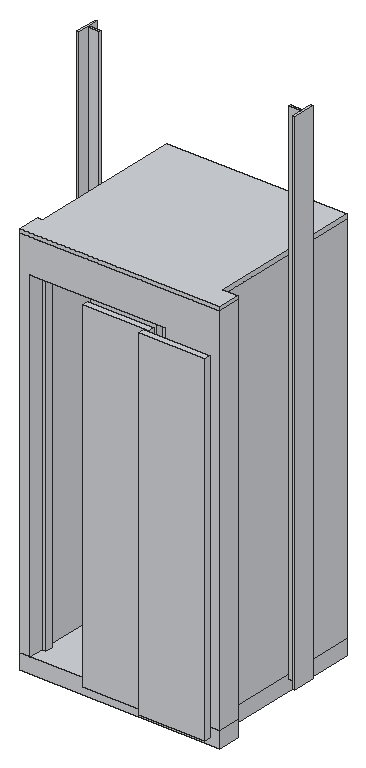
Revit family "SEQ_A3-Electric-Lift-4-person-(M)", category Specialty Equipment, Revit 2016
Family settings
  Part Type = Undefined
  Round Connector Dimension = Use Diameter
  Work Plane-Based = No
  Always vertical = Yes
  Cut with Voids When Loaded = No
  Shared = No
  Room Calculation Point = No
Parameters (values of type "Electric Lift 1000 x 880mm")
  Panel Width = 386 mm
  Level Height = 3000 mm
  Door Material = none
Reference planes
  plane 1 "Center (Front/Back)": y = 0
  plane 2: z = 0
  plane 3 "Center (Left/Right)": x = 0
  plane 4: z = 3000
  plane 5: y = -762.502
Forms (mm)
  Extrusion 1, solid
    sketch origin (0, 0, 0) x (1, 0, 0) y (0, 1, 0)
      loop
        line (-525, 452.498) -> (-525, -452.502) -> (-556, -452.502) -> (-556, -582.502) -> (611.5, -582.502) -> (611.5, -452.502) -> (525, -452.502) -> (525, 452.498) -> (-525, 452.498)
      loop
        line (-500, 427.498) -> (-500, 115) -> (-485.245, 115) -> (-485.245, -115) -> (-500, -115) -> (-500, -452.502) -> (-475, -452.502) -> (-475, -494.818) -> (-496.17, -494.818) -> (-496.17, -578.543) -> (583.123, -578.543) -> (583.123, -490.502) -> (235.3, -490.502) -> (235.3, -452.502) -> (500, -452.502) -> (500, 427.498) -> (-500, 427.498)
    from 0 to 2200
  Extrusion 2, solid, detail levels medium+fine
    sketch origin (0, 0, 0) x (1, 0, 0) y (0, 1, 0)
      loop
        line (-638.027, 63.5) -> (-638.027, -63.5) -> (-625.027, -63.5) -> (-622.113, -6.196) -> (-557.027, -6.196) -> (-557.027, 6.3) -> (-622.027, 6.3) -> (-625.027, 63.5) -> (-638.027, 63.5)
      loop
        line (625.027, 63.5) -> (622.027, 6.3) -> (557.027, 6.3) -> (557.027, -6.196) -> (622.113, -6.196) -> (625.027, -63.5) -> (638.027, -63.5) -> (638.027, 63.5) -> (625.027, 63.5)
    from 0 to 3000
  Extrusion 3, void
    sketch origin (-556, -582.502, 2200) x (0, 0, 1) y (1, 0, 0)
      loop
        line (-2286.189, 59.83) -> (-200, 59.83) -> (-200, 854.444) -> (-2286.189, 854.444) -> (-2286.189, 59.83)
    from 0 to 87.684
  Extrusion 4, solid
    sketch origin (0, 0, -90) x (1, 0, 0) y (0, 1, 0)
      loop
        line (-525, 452.498) -> (-525, -452.502) -> (-556, -452.502) -> (-556, -582.502) -> (611.5, -582.502) -> (611.5, -452.502) -> (525, -452.502) -> (525, 452.498) -> (-525, 452.498)
    from 0 to 90
  Extrusion 5, solid, material <- "Door Material"
    sketch origin (160, 0, 0) x (1, 0, 0) y (0, 1, 0)
      loop
        line (27.622, -496.512) -> (27.622, -538.112) -> (413.622, -538.112) -> (413.622, -496.512) -> (27.622, -496.512)
      loop
        line (-306.17, -543.502) -> (-306.17, -578.543) -> (79.83, -578.543) -> (79.83, -543.502) -> (-306.17, -543.502)
      loop
        line (67.622, -695.891) -> (453.622, -695.891) -> (453.622, -656.891) -> (67.622, -656.891) -> (67.622, -695.891)
      loop
        line (-296.17, -612.502) -> (-296.17, -651.502) -> (89.83, -651.502) -> (89.83, -612.502) -> (-296.17, -612.502)
    from 0 to 2000
  Extrusion 6, solid
    sketch origin (-525, 452.498, 2200) x (-1, 0, 0) y (0, -1, 0)
      loop
        line (0, 0) -> (0, 905) -> (31, 905) -> (31, 1035) -> (-1136.5, 1035) -> (-1136.5, 905) -> (-1050, 905) -> (-1050, 0) -> (0, 0)
    from 0 to 22
Cuts and joins
  Extrusion 3 cuts Extrusion 1
  Extrusion 3 cuts Extrusion 2
Lines and regions (mm)
  symbolic lines
    curve 1: line (370.2, 602.498, 0) -> (-399.8, 602.498, 0)
    curve 2: line (-399.8, 602.498, 0) -> (-399.8, 502.498, 0)
    curve 3: line (-399.8, 502.498, 0) -> (370.2, 502.498, 0)
    curve 4: line (370.2, 502.498, 0) -> (370.2, 602.498, 0)
  symbolic lines, detail levels fine
    curve 5: line (-468.299, 577.496, 0) -> (-468.299, 555.496, 0)
    curve 6: line (-468.299, 555.496, 0) -> (-424.799, 555.496, 0)
    curve 7: line (-424.799, 555.496, 0) -> (-424.799, 549.496, 0)
    curve 8: line (-424.799, 549.496, 0) -> (-468.299, 549.496, 0)
    curve 9: line (-468.299, 549.496, 0) -> (-468.299, 527.496, 0)
    curve 10: line (-468.299, 527.496, 0) -> (-474.299, 527.496, 0)
    curve 11: line (-474.299, 527.496, 0) -> (-474.299, 577.496, 0)
    curve 12: line (-474.299, 577.496, 0) -> (-468.299, 577.496, 0)
    curve 13: line (395.199, 549.496, 0) -> (438.699, 549.496, 0)
    curve 14: line (438.699, 549.496, 0) -> (438.699, 527.496, 0)
    curve 15: line (438.699, 527.496, 0) -> (444.699, 527.496, 0)
    curve 16: line (444.699, 527.496, 0) -> (444.699, 577.496, 0)
    curve 17: line (444.699, 577.496, 0) -> (438.699, 577.496, 0)
    curve 18: line (438.699, 577.496, 0) -> (438.699, 555.496, 0)
    curve 19: line (438.699, 555.496, 0) -> (395.199, 555.496, 0)
    curve 20: line (395.199, 555.496, 0) -> (395.199, 549.496, 0)
    curve 84: arc (31.514, 552.46, 0) -> (0.287, 583.687, 0) -> (-30.94, 552.46, 0) r 31.227
    curve 85: arc (-30.94, 552.46, 0) -> (0.287, 521.232, 0) -> (31.514, 552.46, 0) r 31.227
  symbolic lines, detail levels medium+fine
    curve 21: line (525, -452.502, 0) -> (525, 452.498, 0)
    curve 22: line (525, 452.498, 0) -> (-525, 452.498, 0)
    curve 23: line (-525, 452.498, 0) -> (-525, -452.502, 0)
    curve 24: line (500, -452.502, 0) -> (500, 427.498, 0)
    curve 25: line (500, 427.498, 0) -> (-500, 427.498, 0)
    curve 26: line (-500, 427.498, 0) -> (-500, 115, 0)
    curve 27: line (-485.245, 115, 0) -> (-525, 115, 0)
    curve 28: line (-525, -115, 0) -> (-485.245, -115, 0)
    curve 29: line (-485.245, -115, 0) -> (-485.245, 115, 0)
    curve 30: line (-500, -115, 0) -> (-500, -452.502, 0)
    curve 31: line (-496.17, -582.502, 0) -> (-496.17, -494.818, 0)
    curve 32: line (-496.17, -494.818, 0) -> (-475, -494.818, 0)
    curve 33: line (-475, -494.818, 0) -> (-475, -452.502, 0)
    curve 34: line (-475, -452.502, 0) -> (-556, -452.502, 0)
    curve 35: line (-556, -452.502, 0) -> (-556, -582.502, 0)
    curve 36: line (-496.17, -582.502, 0) -> (-110.17, -582.502, 0)
    curve 37: line (-110.17, -582.502, 0) -> (-110.17, -543.502, 0)
    curve 38: line (-110.17, -543.502, 0) -> (-496.17, -543.502, 0)
    curve 39: line (-132.378, -538.112, 0) -> (253.622, -538.112, 0)
    curve 40: line (253.622, -538.112, 0) -> (253.622, -496.512, 0)
    curve 41: line (253.622, -496.512, 0) -> (-132.378, -496.512, 0)
    curve 42: line (-132.378, -496.512, 0) -> (-132.378, -538.112, 0)
    curve 43: line (611.5, -582.502, 0) -> (-110.17, -582.502, 0)
    curve 44: line (298.444, -525.043, 0) -> (583.123, -525.043, 0)
    curve 45: line (583.123, -525.043, 0) -> (583.123, -493.043, 0)
    curve 46: line (583.123, -493.043, 0) -> (298.444, -493.043, 0)
    curve 47: line (298.444, -578.543, 0) -> (583.123, -578.543, 0)
    curve 48: line (583.123, -578.543, 0) -> (583.123, -537.543, 0)
    curve 49: line (583.123, -537.543, 0) -> (298.444, -537.543, 0)
    curve 51: line (630.007, -717.484, 0) -> (630.007, -612.502, 0)
    curve 52: line (630.007, -612.502, 0) -> (-110.17, -612.502, 0)
    curve 53: line (403.123, -625.543, 0) -> (625.123, -625.543, 0)
    curve 54: line (625.123, -625.543, 0) -> (625.123, -655.543, 0)
    curve 55: line (625.123, -655.543, 0) -> (403.123, -655.543, 0)
    curve 56: line (403.123, -671.043, 0) -> (625.123, -671.043, 0)
    curve 57: line (625.123, -671.043, 0) -> (625.123, -706.043, 0)
    curve 58: line (625.123, -706.043, 0) -> (403.123, -706.043, 0)
    curve 59: line (260.755, -717.484, 0) -> (630.007, -717.484, 0)
    curve 60: line (630.007, -717.484, 0) -> (630.007, -762.502, 0)
    curve 61: line (630.007, -762.502, 0) -> (239.979, -762.502, 0)
    curve 62: line (239.979, -762.502, 0) -> (239.979, -701.98, 0)
    curve 63: line (239.979, -701.98, 0) -> (260.755, -701.98, 0)
    curve 64: line (253.622, -695.891, 0) -> (-132.378, -695.891, 0)
    curve 65: line (-132.378, -695.891, 0) -> (-132.378, -656.891, 0)
    curve 66: line (-132.378, -656.891, 0) -> (253.622, -656.891, 0)
    curve 67: line (253.622, -656.891, 0) -> (253.622, -695.891, 0)
    curve 68: line (-496.17, -651.502, 0) -> (-110.17, -651.502, 0)
    curve 69: line (-110.17, -651.502, 0) -> (-110.17, -612.502, 0)
    curve 70: line (-110.17, -612.502, 0) -> (-496.17, -612.502, 0)
    curve 71: line (-496.17, -612.502, 0) -> (-496.17, -692.502, 0)
    curve 72: line (-496.17, -692.502, 0) -> (-475, -692.502, 0)
    curve 73: line (-475, -692.502, 0) -> (-475, -762.502, 0)
    curve 74: line (-625, -612.502, 0) -> (-625, -762.502, 0)
    curve 75: line (-625, -762.502, 0) -> (-475, -762.502, 0)
    curve 76: line (-475, -762.502, 0) -> (-475, -692.502, 0)
    curve 77: line (-475, -692.502, 0) -> (-496.17, -692.502, 0)
    curve 78: line (-496.17, -692.502, 0) -> (-496.17, -612.502, 0)
    curve 79: line (-496.17, -612.502, 0) -> (-625, -612.502, 0)
    curve 80: line (235.3, -452.502, 0) -> (611.5, -452.502, 0)
    curve 81: line (258.09, -490.502, 0) -> (235.3, -490.502, 0)
    curve 82: line (235.3, -490.502, 0) -> (235.3, -452.502, 0)
    curve 83: line (611.5, -452.502, 0) -> (611.5, -582.502, 0)
    curve 87: line (-556, -582.502, 0) -> (-496.17, -582.502, 0)
    curve 102: line (260.755, -701.98, 0) -> (260.755, -717.484, 0)
  symbolic lines, style "InvisibleLines", detail levels medium+fine
    curve 50: line (675, -717.484, 0) -> (630.007, -717.484, 0)
    curve 86: line (-525, 552.498, 0) -> (524.996, 552.498, 0)
    curve 88: line (675, 672.498, 0) -> (-675, 672.498, 0)
    curve 89: line (-675, 672.498, 0) -> (-675, -727.484, 0)
    curve 90: line (675, -717.484, 0) -> (675, 672.498, 0)
    curve 91: line (-675, -727.484, 0) -> (-625, -727.484, 0)
  symbolic lines, style "SpecialityEquipment", detail levels medium+fine
    curve 92: line (298.444, -525.043, 0) -> (298.444, -493.043, 0)
    curve 93: line (298.444, -537.543, 0) -> (298.444, -578.543, 0)
    curve 94: line (403.123, -625.543, 0) -> (403.123, -655.543, 0)
    curve 95: line (403.123, -671.043, 0) -> (403.123, -706.043, 0)
  symbolic lines, detail levels coarse
    curve 96: line (-525, 452.498, 0) -> (525, 452.498, 0)
    curve 97: line (525, 452.498, 0) -> (525, -582.502, 0)
    curve 98: line (525, -582.502, 0) -> (-525, -582.502, 0)
    curve 99: line (-525, 452.498, 0) -> (-525, -582.502, 0)
    curve 100: line (-525, -582.502, 0) -> (525, 452.498, 0)
    curve 101: line (-525, 452.498, 0) -> (525, -582.502, 0)
Dimensions and locks
  locked: curve 23 to curve 26 at 25
  locked: curve 23 to curve 30 at 25
  locked: curve 24 to curve 21 at 25
  locked: curve 22 to curve 25 at 25
  locked: curve 27 to curve 28 at 230
  locked: curve 23 to curve 29 at 39.755
  locked: curve 26 to curve 24 at 1000
  equal spacing: curve 30, plane 3 "Center (Left/Right)", curve 24
  "Panel Width": curve 42 to curve 40
  locked: curve 41 to curve 39 at 41.6
  locked: curve 64 to curve 66 at 39
  locked: curve 38 to curve 36 at 39
  locked: curve 70 to curve 68 at 39
  locked: curve 35 to curve 33 at 81
  locked: curve 34 to curve 87 at 130
  locked: curve 32 to curve 34 at 42.316
  locked: curve 35 to curve 31 at 59.83
  "Panel Width": curve 65 to curve 67
  "Panel Width": curve 68 to curve 69
  "Panel Width": curve 38 to curve 37
  locked: curve 3 to curve 22 at 50
  locked: curve 3 to curve 1 at 100
  locked: curve 2 to curve 4 at 770
  cut or joined group of Extrusion 1, Extrusion 3 to cut or joined group of Extrusion 1, Extrusion 3 = 2000 mm
  "Level Height": plane 4 to level
  aligned and locked: Extrusion 2 sketch curve to nested 1  (x8)
  aligned and locked: cut or joined group of Extrusion 2, Extrusion 3 to plane 4
  aligned and locked: cut or joined group of Extrusion 2, Extrusion 3 to level
Automatic sketch dimensions
  Extrusion 1 sketch curve to plane 3 "Center (Left/Right)" = 556 mm
  Extrusion 1 sketch curve to Extrusion 1 sketch curve = 31 mm
  Extrusion 1 sketch curve to Extrusion 1 sketch curve = 25 mm  (x3)
  Extrusion 1 sketch curve to Extrusion 1 sketch curve = 0 mm  (x2)
  Extrusion 1 sketch curve to Extrusion 1 sketch curve = 3.83 mm
  Extrusion 1 sketch curve to Extrusion 1 sketch curve = 14.755 mm
  Extrusion 1 sketch curve to Extrusion 1 sketch curve = 21.17 mm
  plane 3 "Center (Left/Right)" to Extrusion 1 sketch curve = 235.3 mm
  plane 3 "Center (Left/Right)" to Extrusion 1 sketch curve = 500 mm
  Extrusion 1 sketch curve to Extrusion 1 sketch curve = 58.123 mm
  Extrusion 1 sketch curve to Extrusion 1 sketch curve = 28.377 mm
  plane 1 "Center (Front/Back)" to Extrusion 1 sketch curve = 582.502 mm
  Extrusion 1 sketch curve to Extrusion 1 sketch curve = 3.959 mm
  Extrusion 1 sketch curve to Extrusion 1 sketch curve = 83.725 mm
  Extrusion 1 sketch curve to Extrusion 1 sketch curve = 88.041 mm
  Extrusion 1 sketch curve to Extrusion 1 sketch curve = 42.316 mm
  Extrusion 1 sketch curve to Extrusion 1 sketch curve = 38 mm  (x2)
  plane 1 "Center (Front/Back)" to Extrusion 1 sketch curve = 115 mm
  Extrusion 1 sketch curve to plane 1 "Center (Front/Back)" = 115 mm
  Extrusion 1 sketch curve to plane 1 "Center (Front/Back)" = 427.498 mm
  Extrusion 2 sketch curve to plane 1 "Center (Front/Back)" = 6.3 mm
  Extrusion 2 sketch curve to plane 3 "Center (Left/Right)" = 557.027 mm
  Extrusion 2 sketch curve to Extrusion 2 sketch curve = 65 mm
  plane 1 "Center (Front/Back)" to Extrusion 2 sketch curve = 6.196 mm
  Extrusion 2 sketch curve to Extrusion 2 sketch curve = 0.086 mm
  Extrusion 2 sketch curve to Extrusion 2 sketch curve = 3 mm
  Extrusion 2 sketch curve to Extrusion 2 sketch curve = 2.914 mm
  Extrusion 2 sketch curve to Extrusion 2 sketch curve = 13 mm
  Extrusion 2 sketch curve to Extrusion 2 sketch curve = 57.304 mm
  Extrusion 2 sketch curve to Extrusion 2 sketch curve = 57.2 mm
  Extrusion 3 sketch curve to level = 86.189 mm
  Extrusion 3 sketch curve to plane 3 "Center (Left/Right)" = 496.17 mm
  level to Extrusion 3 sketch curve = 2000 mm
  plane 3 "Center (Left/Right)" to Extrusion 3 sketch curve = 298.444 mm
  Extrusion 4 sketch curve to plane 3 "Center (Left/Right)" = 556 mm
  Extrusion 4 sketch curve to Extrusion 4 sketch curve = 31 mm
  plane 3 "Center (Left/Right)" to Extrusion 4 sketch curve = 525 mm
  Extrusion 4 sketch curve to Extrusion 4 sketch curve = 86.5 mm
  plane 1 "Center (Front/Back)" to Extrusion 4 sketch curve = 582.502 mm
  Extrusion 4 sketch curve to Extrusion 4 sketch curve = 130 mm  (x2)
  Extrusion 4 sketch curve to plane 1 "Center (Front/Back)" = 452.498 mm
  plane 3 "Center (Left/Right)" to Extrusion 6 sketch curve = 611.5 mm
  Extrusion 6 sketch curve to Extrusion 6 sketch curve = 86.5 mm
  Extrusion 6 sketch curve to plane 3 "Center (Left/Right)" = 525 mm
  Extrusion 6 sketch curve to Extrusion 6 sketch curve = 31 mm
  Extrusion 6 sketch curve to plane 1 "Center (Front/Back)" = 452.498 mm
  plane 1 "Center (Front/Back)" to Extrusion 6 sketch curve = 452.502 mm  (x2)
  Extrusion 6 sketch curve to Extrusion 6 sketch curve = 130 mm
  Extrusion 5 sketch curve to plane 3 "Center (Left/Right)" = 146.17 mm
  Extrusion 5 sketch curve to Extrusion 5 sketch curve = 10 mm
  plane 3 "Center (Left/Right)" to Extrusion 5 sketch curve = 187.622 mm
  Extrusion 5 sketch curve to Extrusion 5 sketch curve = 40 mm  (x2)
  Extrusion 5 sketch curve to Extrusion 5 sketch curve = 52.208 mm
  Extrusion 5 sketch curve to Extrusion 5 sketch curve = 22.208 mm
  Extrusion 5 sketch curve to Extrusion 5 sketch curve = 333.792 mm
  plane 1 "Center (Front/Back)" to Extrusion 5 sketch curve = 695.891 mm
  Extrusion 5 sketch curve to Extrusion 5 sketch curve = 39 mm  (x2)
  Extrusion 5 sketch curve to Extrusion 5 sketch curve = 5.389 mm
  Extrusion 5 sketch curve to Extrusion 5 sketch curve = 33.959 mm
  Extrusion 5 sketch curve to Extrusion 5 sketch curve = 35.041 mm
  Extrusion 5 sketch curve to Extrusion 5 sketch curve = 118.779 mm
  Extrusion 5 sketch curve to Extrusion 5 sketch curve = 41.6 mm
  curve 75 to plane 5 = 0 mm
  curve 62 to plane 5 = 0 mm
  curve 86 to curve 22 = 0 mm
  curve 35 to curve 23 = 31 mm
  curve 74 to curve 35 = 69 mm
  curve 89 to curve 91 = 50 mm
  curve 79 to curve 31 = 0 mm
  curve 71 to curve 76 = 21.17 mm
  curve 86 to curve 10 = 50.701 mm
  curve 10 to curve 9 = 6 mm
  curve 6 to curve 8 = 0 mm
  curve 5 to curve 7 = 43.5 mm
  curve 7 to curve 2 = 24.999 mm
  curve 65 to curve 68 = 22.208 mm
  curve 42 to curve 37 = 22.208 mm
  curve 85 to plane 3 "Center (Left/Right)" = 30.94 mm
  plane 3 "Center (Left/Right)" to curve 84 = 0.287 mm
  curve 82 to curve 40 = 18.322 mm
  curve 62 to curve 64 = 13.643 mm
  curve 40 to curve 81 = 4.468 mm
  curve 64 to curve 102 = 7.133 mm
  curve 81 to curve 92 = 40.354 mm
  curve 93 to curve 44 = 0 mm
  curve 59 to curve 61 = 369.252 mm
  curve 3 to curve 13 = 24.999 mm
  curve 58 to curve 59 = 226.884 mm
  curve 94 to curve 56 = 0 mm
  curve 19 to curve 19 = 43.5 mm
  curve 15 to curve 18 = 0 mm
  curve 17 to curve 16 = 6 mm
  curve 16 to curve 86 = 80.297 mm
  curve 98 to curve 49 = 58.123 mm
  curve 44 to curve 48 = 0 mm
  curve 45 to curve 83 = 28.377 mm
  curve 43 to curve 57 = 13.623 mm
  curve 55 to curve 56 = 0 mm
  curve 50 to curve 50 = 44.993 mm
  curve 91 to plane 5 = 35.018 mm
  curve 90 to curve 51 = 0 mm
  curve 50 to curve 57 = 11.441 mm
  curve 59 to curve 102 = 15.504 mm
  curve 63 to curve 64 = 6.089 mm
  curve 78 to plane 5 = 70 mm
  curve 57 to curve 57 = 35 mm
  curve 56 to curve 54 = 15.5 mm
  curve 65 to curve 69 = 5.389 mm
  curve 53 to curve 51 = 13.041 mm
  curve 52 to curve 36 = 30 mm
  curve 98 to curve 97 = 0 mm
  curve 43 to curve 47 = 3.959 mm
  curve 37 to curve 39 = 5.389 mm
  curve 47 to curve 49 = 41 mm
  curve 49 to curve 92 = 12.5 mm
  curve 44 to curve 92 = 32 mm
  curve 40 to curve 82 = 6.011 mm
  curve 45 to curve 21 = 40.541 mm
  plane 1 "Center (Front/Back)" to curve 28 = 115 mm
  curve 26 to curve 25 = 312.498 mm
  curve 3 to curve 15 = 24.998 mm
  curve 2 to curve 9 = 24.998 mm
  curve 9 to curve 8 = 22 mm
  curve 14 to curve 13 = 22 mm
  curve 3 to curve 85 = 49.961 mm
  curve 10 to curve 86 = 25.002 mm
  curve 13 to curve 20 = 6 mm
  curve 7 to curve 7 = 6 mm
  curve 18 to curve 18 = 22 mm
  curve 5 to curve 11 = 22 mm
  curve 86 to curve 90 = 120 mm
  curve 90 to curve 59 = 0 mm
  curve 53 to curve 51 = 4.884 mm
  curve 90 to plane 5 = 45.018 mm
Nested families
  nested 1: "Vertical conn" at (638.027, 0, 0), type "Vertical conn", detail levels medium+fine
  nested 2: "Vertical conn" at (-638.027, 0, 0) x (-1, 0, 0) z (0, 0, 1), type "Vertical conn", detail levels medium+fine
Definition of nested family "Vertical conn"
  Reference planes
    plane 1 "Center (Front/Back)": y = 0
    plane 2: z = 0
    plane 3 "Center (Left/Right)": x = 0
  Lines and regions (mm)
    detail lines, in view "Ref. Level"
      curve 1: line (-81, -6.196, 0) -> (-15.914, -6.196, 0)
      curve 2: line (-15.914, -6.196, 0) -> (-13, -63.5, 0)
      curve 3: line (-13, -63.5, 0) -> (0, -63.5, 0)
      curve 4: line (0, -63.5, 0) -> (0, 63.5, 0)
      curve 5: line (0, 63.5, 0) -> (-13, 63.5, 0)
      curve 6: line (-13, 63.5, 0) -> (-16, 6.3, 0)
      curve 7: line (-16, 6.3, 0) -> (-81, 6.3, 0)
      curve 8: line (-81, 6.3, 0) -> (-81, -6.196, 0)
